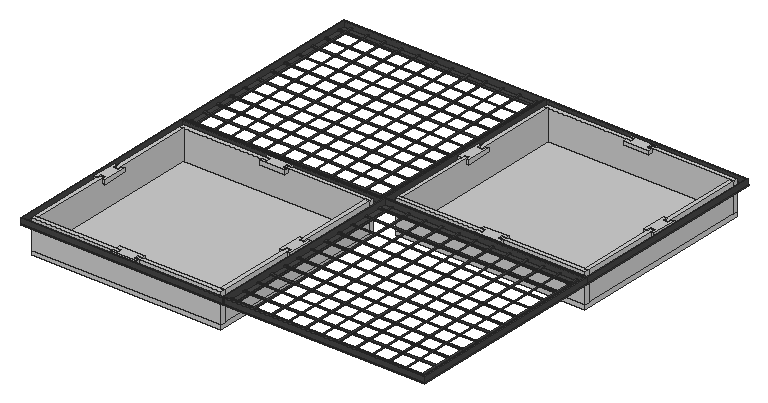
Revit family "CLD-FAB-001_RFA", category Modelos genéricos, Revit 2022 (continued)
Forms (in)
  Extrusion 209, solid, not visible
    sketch origin (0, 48, 0) x (0, 1, 0) y (0, 0, 1)
      loop
        line (0.42221, 1.66259) -> (0.42231, 0.67354)
        arc (0.42231, 0.67354) -> (0.41009, 0.64403) -> (0.38057, 0.6318) r 0.04174
        line (0.38057, 0.6318) -> (-0.00639, 0.6318) -> (-0.00639, 0.59057) -> (0.8874, 0.59057) -> (0.8874, 0.6318) -> (0.49998, 0.6318)
        arc (0.49998, 0.6318) -> (0.47046, 0.64403) -> (0.45824, 0.67354) r 0.04174
        line (0.45824, 0.67354) -> (0.45834, 1.66259)
        arc (0.45834, 1.66259) -> (0.46543, 1.67969) -> (0.48252, 1.68677) r 0.02418
        line (0.48252, 1.68677) -> (0.52252, 1.68677)
        arc (0.52252, 1.68677) -> (0.55303, 1.69941) -> (0.56566, 1.72991) r 0.04314
        line (0.56566, 1.72991) -> (0.56566, 2.14095)
        arc (0.56566, 2.14095) -> (0.5626, 2.15637) -> (0.55386, 2.16944) r 0.04029
        line (0.55386, 2.16944) -> (0.47053, 2.25277)
        arc (0.47053, 2.25277) -> (0.44027, 2.2653) -> (0.41002, 2.25277) r 0.04279
        line (0.41002, 2.25277) -> (0.32669, 2.16944)
        arc (0.32669, 2.16944) -> (0.31795, 2.15637) -> (0.31489, 2.14095) r 0.04029
        line (0.31489, 2.14095) -> (0.31489, 1.72991)
        arc (0.31489, 1.72991) -> (0.32752, 1.69941) -> (0.35803, 1.68677) r 0.04314
        line (0.35803, 1.68677) -> (0.39803, 1.68677)
        arc (0.39803, 1.68677) -> (0.41512, 1.67969) -> (0.42221, 1.66259) r 0.02418
      loop
        arc (0.33294, 1.7291) -> (0.34005, 1.71194) -> (0.35722, 1.70483) r 0.02428
        line (0.35722, 1.70483) -> (0.39815, 1.70483)
        arc (0.39815, 1.70483) -> (0.42797, 1.69248) -> (0.44023, 1.66266) r 0.04217
        arc (0.44023, 1.66266) -> (0.45258, 1.69248) -> (0.4824, 1.70483) r 0.04217
        line (0.4824, 1.70483) -> (0.52333, 1.70483)
        arc (0.52333, 1.70483) -> (0.54049, 1.71194) -> (0.54761, 1.7291) r 0.02428
        line (0.54761, 1.7291) -> (0.54761, 2.15016) -> (0.45704, 2.24072)
        arc (0.45704, 2.24072) -> (0.44027, 2.24767) -> (0.42351, 2.24072) r 0.02371
        line (0.42351, 2.24072) -> (0.33294, 2.15016) -> (0.33294, 1.7291)
    from 0 to 96.9361
  Extrusion 210, solid, not visible
    sketch origin (0, 72, 0) x (0, 1, 0) y (0, 0, 1)
      loop
        line (0.42221, 1.66259) -> (0.42231, 0.67354)
        arc (0.42231, 0.67354) -> (0.41009, 0.64403) -> (0.38057, 0.6318) r 0.04174
        line (0.38057, 0.6318) -> (-0.00639, 0.6318) -> (-0.00639, 0.59057) -> (0.8874, 0.59057) -> (0.8874, 0.6318) -> (0.49998, 0.6318)
        arc (0.49998, 0.6318) -> (0.47046, 0.64403) -> (0.45824, 0.67354) r 0.04174
        line (0.45824, 0.67354) -> (0.45834, 1.66259)
        arc (0.45834, 1.66259) -> (0.46543, 1.67969) -> (0.48252, 1.68677) r 0.02418
        line (0.48252, 1.68677) -> (0.52252, 1.68677)
        arc (0.52252, 1.68677) -> (0.55303, 1.69941) -> (0.56566, 1.72991) r 0.04314
        line (0.56566, 1.72991) -> (0.56566, 2.14095)
        arc (0.56566, 2.14095) -> (0.5626, 2.15637) -> (0.55386, 2.16944) r 0.04029
        line (0.55386, 2.16944) -> (0.47053, 2.25277)
        arc (0.47053, 2.25277) -> (0.44027, 2.2653) -> (0.41002, 2.25277) r 0.04279
        line (0.41002, 2.25277) -> (0.32669, 2.16944)
        arc (0.32669, 2.16944) -> (0.31795, 2.15637) -> (0.31489, 2.14095) r 0.04029
        line (0.31489, 2.14095) -> (0.31489, 1.72991)
        arc (0.31489, 1.72991) -> (0.32752, 1.69941) -> (0.35803, 1.68677) r 0.04314
        line (0.35803, 1.68677) -> (0.39803, 1.68677)
        arc (0.39803, 1.68677) -> (0.41512, 1.67969) -> (0.42221, 1.66259) r 0.02418
      loop
        arc (0.33294, 1.7291) -> (0.34005, 1.71194) -> (0.35722, 1.70483) r 0.02428
        line (0.35722, 1.70483) -> (0.39815, 1.70483)
        arc (0.39815, 1.70483) -> (0.42797, 1.69248) -> (0.44023, 1.66266) r 0.04217
        arc (0.44023, 1.66266) -> (0.45258, 1.69248) -> (0.4824, 1.70483) r 0.04217
        line (0.4824, 1.70483) -> (0.52333, 1.70483)
        arc (0.52333, 1.70483) -> (0.54049, 1.71194) -> (0.54761, 1.7291) r 0.02428
        line (0.54761, 1.7291) -> (0.54761, 2.15016) -> (0.45704, 2.24072)
        arc (0.45704, 2.24072) -> (0.44027, 2.24767) -> (0.42351, 2.24072) r 0.02371
        line (0.42351, 2.24072) -> (0.33294, 2.15016) -> (0.33294, 1.7291)
    from 0 to 96.9361
  Extrusion 211, solid, not visible
    sketch origin (0, 96, 0) x (0, 1, 0) y (0, 0, 1)
      loop
        line (0.42221, 1.66259) -> (0.42231, 0.67354)
        arc (0.42231, 0.67354) -> (0.41009, 0.64403) -> (0.38057, 0.6318) r 0.04174
        line (0.38057, 0.6318) -> (-0.00639, 0.6318) -> (-0.00639, 0.59057) -> (0.8874, 0.59057) -> (0.8874, 0.6318) -> (0.49998, 0.6318)
        arc (0.49998, 0.6318) -> (0.47046, 0.64403) -> (0.45824, 0.67354) r 0.04174
        line (0.45824, 0.67354) -> (0.45834, 1.66259)
        arc (0.45834, 1.66259) -> (0.46543, 1.67969) -> (0.48252, 1.68677) r 0.02418
        line (0.48252, 1.68677) -> (0.52252, 1.68677)
        arc (0.52252, 1.68677) -> (0.55303, 1.69941) -> (0.56566, 1.72991) r 0.04314
        line (0.56566, 1.72991) -> (0.56566, 2.14095)
        arc (0.56566, 2.14095) -> (0.5626, 2.15637) -> (0.55386, 2.16944) r 0.04029
        line (0.55386, 2.16944) -> (0.47053, 2.25277)
        arc (0.47053, 2.25277) -> (0.44027, 2.2653) -> (0.41002, 2.25277) r 0.04279
        line (0.41002, 2.25277) -> (0.32669, 2.16944)
        arc (0.32669, 2.16944) -> (0.31795, 2.15637) -> (0.31489, 2.14095) r 0.04029
        line (0.31489, 2.14095) -> (0.31489, 1.72991)
        arc (0.31489, 1.72991) -> (0.32752, 1.69941) -> (0.35803, 1.68677) r 0.04314
        line (0.35803, 1.68677) -> (0.39803, 1.68677)
        arc (0.39803, 1.68677) -> (0.41512, 1.67969) -> (0.42221, 1.66259) r 0.02418
      loop
        arc (0.33294, 1.7291) -> (0.34005, 1.71194) -> (0.35722, 1.70483) r 0.02428
        line (0.35722, 1.70483) -> (0.39815, 1.70483)
        arc (0.39815, 1.70483) -> (0.42797, 1.69248) -> (0.44023, 1.66266) r 0.04217
        arc (0.44023, 1.66266) -> (0.45258, 1.69248) -> (0.4824, 1.70483) r 0.04217
        line (0.4824, 1.70483) -> (0.52333, 1.70483)
        arc (0.52333, 1.70483) -> (0.54049, 1.71194) -> (0.54761, 1.7291) r 0.02428
        line (0.54761, 1.7291) -> (0.54761, 2.15016) -> (0.45704, 2.24072)
        arc (0.45704, 2.24072) -> (0.44027, 2.24767) -> (0.42351, 2.24072) r 0.02371
        line (0.42351, 2.24072) -> (0.33294, 2.15016) -> (0.33294, 1.7291)
    from 0 to 96.9361
  Extrusion 212, solid, not visible
    sketch origin (48.02754, 154.90856, 0) x (1, 0, 0) y (0, 0, 1)
      loop
        line (0.42221, 1.66259) -> (0.42231, 0.67354)
        arc (0.42231, 0.67354) -> (0.41009, 0.64403) -> (0.38057, 0.6318) r 0.04174
        line (0.38057, 0.6318) -> (-0.00639, 0.6318) -> (-0.00639, 0.59057) -> (0.8874, 0.59057) -> (0.8874, 0.6318) -> (0.49998, 0.6318)
        arc (0.49998, 0.6318) -> (0.47046, 0.64403) -> (0.45824, 0.67354) r 0.04174
        line (0.45824, 0.67354) -> (0.45834, 1.66259)
        arc (0.45834, 1.66259) -> (0.46543, 1.67969) -> (0.48252, 1.68677) r 0.02418
        line (0.48252, 1.68677) -> (0.52252, 1.68677)
        arc (0.52252, 1.68677) -> (0.55303, 1.69941) -> (0.56566, 1.72991) r 0.04314
        line (0.56566, 1.72991) -> (0.56566, 2.14095)
        arc (0.56566, 2.14095) -> (0.5626, 2.15637) -> (0.55386, 2.16944) r 0.04029
        line (0.55386, 2.16944) -> (0.47053, 2.25277)
        arc (0.47053, 2.25277) -> (0.44027, 2.2653) -> (0.41002, 2.25277) r 0.04279
        line (0.41002, 2.25277) -> (0.32669, 2.16944)
        arc (0.32669, 2.16944) -> (0.31795, 2.15637) -> (0.31489, 2.14095) r 0.04029
        line (0.31489, 2.14095) -> (0.31489, 1.72991)
        arc (0.31489, 1.72991) -> (0.32752, 1.69941) -> (0.35803, 1.68677) r 0.04314
        line (0.35803, 1.68677) -> (0.39803, 1.68677)
        arc (0.39803, 1.68677) -> (0.41512, 1.67969) -> (0.42221, 1.66259) r 0.02418
      loop
        arc (0.33294, 1.7291) -> (0.34005, 1.71194) -> (0.35722, 1.70483) r 0.02428
        line (0.35722, 1.70483) -> (0.39815, 1.70483)
        arc (0.39815, 1.70483) -> (0.42797, 1.69248) -> (0.44023, 1.66266) r 0.04217
        arc (0.44023, 1.66266) -> (0.45258, 1.69248) -> (0.4824, 1.70483) r 0.04217
        line (0.4824, 1.70483) -> (0.52333, 1.70483)
        arc (0.52333, 1.70483) -> (0.54049, 1.71194) -> (0.54761, 1.7291) r 0.02428
        line (0.54761, 1.7291) -> (0.54761, 2.15016) -> (0.45704, 2.24072)
        arc (0.45704, 2.24072) -> (0.44027, 2.24767) -> (0.42351, 2.24072) r 0.02371
        line (0.42351, 2.24072) -> (0.33294, 2.15016) -> (0.33294, 1.7291)
    from 58.93614 to 81.99864
  Extrusion 213, solid, not visible
    sketch origin (72.02767, 154.90856, 0) x (1, 0, 0) y (0, 0, 1)
      loop
        line (0.42221, 1.66259) -> (0.42231, 0.67354)
        arc (0.42231, 0.67354) -> (0.41009, 0.64403) -> (0.38057, 0.6318) r 0.04174
        line (0.38057, 0.6318) -> (-0.00639, 0.6318) -> (-0.00639, 0.59057) -> (0.8874, 0.59057) -> (0.8874, 0.6318) -> (0.49998, 0.6318)
        arc (0.49998, 0.6318) -> (0.47046, 0.64403) -> (0.45824, 0.67354) r 0.04174
        line (0.45824, 0.67354) -> (0.45834, 1.66259)
        arc (0.45834, 1.66259) -> (0.46543, 1.67969) -> (0.48252, 1.68677) r 0.02418
        line (0.48252, 1.68677) -> (0.52252, 1.68677)
        arc (0.52252, 1.68677) -> (0.55303, 1.69941) -> (0.56566, 1.72991) r 0.04314
        line (0.56566, 1.72991) -> (0.56566, 2.14095)
        arc (0.56566, 2.14095) -> (0.5626, 2.15637) -> (0.55386, 2.16944) r 0.04029
        line (0.55386, 2.16944) -> (0.47053, 2.25277)
        arc (0.47053, 2.25277) -> (0.44027, 2.2653) -> (0.41002, 2.25277) r 0.04279
        line (0.41002, 2.25277) -> (0.32669, 2.16944)
        arc (0.32669, 2.16944) -> (0.31795, 2.15637) -> (0.31489, 2.14095) r 0.04029
        line (0.31489, 2.14095) -> (0.31489, 1.72991)
        arc (0.31489, 1.72991) -> (0.32752, 1.69941) -> (0.35803, 1.68677) r 0.04314
        line (0.35803, 1.68677) -> (0.39803, 1.68677)
        arc (0.39803, 1.68677) -> (0.41512, 1.67969) -> (0.42221, 1.66259) r 0.02418
      loop
        arc (0.33294, 1.7291) -> (0.34005, 1.71194) -> (0.35722, 1.70483) r 0.02428
        line (0.35722, 1.70483) -> (0.39815, 1.70483)
        arc (0.39815, 1.70483) -> (0.42797, 1.69248) -> (0.44023, 1.66266) r 0.04217
        arc (0.44023, 1.66266) -> (0.45258, 1.69248) -> (0.4824, 1.70483) r 0.04217
        line (0.4824, 1.70483) -> (0.52333, 1.70483)
        arc (0.52333, 1.70483) -> (0.54049, 1.71194) -> (0.54761, 1.7291) r 0.02428
        line (0.54761, 1.7291) -> (0.54761, 2.15016) -> (0.45704, 2.24072)
        arc (0.45704, 2.24072) -> (0.44027, 2.24767) -> (0.42351, 2.24072) r 0.02371
        line (0.42351, 2.24072) -> (0.33294, 2.15016) -> (0.33294, 1.7291)
    from 58.93614 to 81.99864
  Extrusion 214, solid, not visible
    sketch origin (96.02767, 154.90856, 0) x (1, 0, 0) y (0, 0, 1)
      loop
        line (0.42221, 1.66259) -> (0.42231, 0.67354)
        arc (0.42231, 0.67354) -> (0.41009, 0.64403) -> (0.38057, 0.6318) r 0.04174
        line (0.38057, 0.6318) -> (-0.00639, 0.6318) -> (-0.00639, 0.59057) -> (0.8874, 0.59057) -> (0.8874, 0.6318) -> (0.49998, 0.6318)
        arc (0.49998, 0.6318) -> (0.47046, 0.64403) -> (0.45824, 0.67354) r 0.04174
        line (0.45824, 0.67354) -> (0.45834, 1.66259)
        arc (0.45834, 1.66259) -> (0.46543, 1.67969) -> (0.48252, 1.68677) r 0.02418
        line (0.48252, 1.68677) -> (0.52252, 1.68677)
        arc (0.52252, 1.68677) -> (0.55303, 1.69941) -> (0.56566, 1.72991) r 0.04314
        line (0.56566, 1.72991) -> (0.56566, 2.14095)
        arc (0.56566, 2.14095) -> (0.5626, 2.15637) -> (0.55386, 2.16944) r 0.04029
        line (0.55386, 2.16944) -> (0.47053, 2.25277)
        arc (0.47053, 2.25277) -> (0.44027, 2.2653) -> (0.41002, 2.25277) r 0.04279
        line (0.41002, 2.25277) -> (0.32669, 2.16944)
        arc (0.32669, 2.16944) -> (0.31795, 2.15637) -> (0.31489, 2.14095) r 0.04029
        line (0.31489, 2.14095) -> (0.31489, 1.72991)
        arc (0.31489, 1.72991) -> (0.32752, 1.69941) -> (0.35803, 1.68677) r 0.04314
        line (0.35803, 1.68677) -> (0.39803, 1.68677)
        arc (0.39803, 1.68677) -> (0.41512, 1.67969) -> (0.42221, 1.66259) r 0.02418
      loop
        arc (0.33294, 1.7291) -> (0.34005, 1.71194) -> (0.35722, 1.70483) r 0.02428
        line (0.35722, 1.70483) -> (0.39815, 1.70483)
        arc (0.39815, 1.70483) -> (0.42797, 1.69248) -> (0.44023, 1.66266) r 0.04217
        arc (0.44023, 1.66266) -> (0.45258, 1.69248) -> (0.4824, 1.70483) r 0.04217
        line (0.4824, 1.70483) -> (0.52333, 1.70483)
        arc (0.52333, 1.70483) -> (0.54049, 1.71194) -> (0.54761, 1.7291) r 0.02428
        line (0.54761, 1.7291) -> (0.54761, 2.15016) -> (0.45704, 2.24072)
        arc (0.45704, 2.24072) -> (0.44027, 2.24767) -> (0.42351, 2.24072) r 0.02371
        line (0.42351, 2.24072) -> (0.33294, 2.15016) -> (0.33294, 1.7291)
    from 58.93614 to 81.99864
  Extrusion 215, solid, not visible
    sketch origin (24.02767, 154.90856, 0) x (1, 0, 0) y (0, 0, 1)
      loop
        line (0.42221, 1.66259) -> (0.42231, 0.67354)
        arc (0.42231, 0.67354) -> (0.41009, 0.64403) -> (0.38057, 0.6318) r 0.04174
        line (0.38057, 0.6318) -> (-0.00639, 0.6318) -> (-0.00639, 0.59057) -> (0.8874, 0.59057) -> (0.8874, 0.6318) -> (0.49998, 0.6318)
        arc (0.49998, 0.6318) -> (0.47046, 0.64403) -> (0.45824, 0.67354) r 0.04174
        line (0.45824, 0.67354) -> (0.45834, 1.66259)
        arc (0.45834, 1.66259) -> (0.46543, 1.67969) -> (0.48252, 1.68677) r 0.02418
        line (0.48252, 1.68677) -> (0.52252, 1.68677)
        arc (0.52252, 1.68677) -> (0.55303, 1.69941) -> (0.56566, 1.72991) r 0.04314
        line (0.56566, 1.72991) -> (0.56566, 2.14095)
        arc (0.56566, 2.14095) -> (0.5626, 2.15637) -> (0.55386, 2.16944) r 0.04029
        line (0.55386, 2.16944) -> (0.47053, 2.25277)
        arc (0.47053, 2.25277) -> (0.44027, 2.2653) -> (0.41002, 2.25277) r 0.04279
        line (0.41002, 2.25277) -> (0.32669, 2.16944)
        arc (0.32669, 2.16944) -> (0.31795, 2.15637) -> (0.31489, 2.14095) r 0.04029
        line (0.31489, 2.14095) -> (0.31489, 1.72991)
        arc (0.31489, 1.72991) -> (0.32752, 1.69941) -> (0.35803, 1.68677) r 0.04314
        line (0.35803, 1.68677) -> (0.39803, 1.68677)
        arc (0.39803, 1.68677) -> (0.41512, 1.67969) -> (0.42221, 1.66259) r 0.02418
      loop
        arc (0.33294, 1.7291) -> (0.34005, 1.71194) -> (0.35722, 1.70483) r 0.02428
        line (0.35722, 1.70483) -> (0.39815, 1.70483)
        arc (0.39815, 1.70483) -> (0.42797, 1.69248) -> (0.44023, 1.66266) r 0.04217
        arc (0.44023, 1.66266) -> (0.45258, 1.69248) -> (0.4824, 1.70483) r 0.04217
        line (0.4824, 1.70483) -> (0.52333, 1.70483)
        arc (0.52333, 1.70483) -> (0.54049, 1.71194) -> (0.54761, 1.7291) r 0.02428
        line (0.54761, 1.7291) -> (0.54761, 2.15016) -> (0.45704, 2.24072)
        arc (0.45704, 2.24072) -> (0.44027, 2.24767) -> (0.42351, 2.24072) r 0.02371
        line (0.42351, 2.24072) -> (0.33294, 2.15016) -> (0.33294, 1.7291)
    from 58.93614 to 81.99864
  Extrusion 216, solid, not visible
    sketch origin (0.02767, 154.90856, 0) x (1, 0, 0) y (0, 0, 1)
      loop
        line (0.42221, 1.66259) -> (0.42231, 0.67354)
        arc (0.42231, 0.67354) -> (0.41009, 0.64403) -> (0.38057, 0.6318) r 0.04174
        line (0.38057, 0.6318) -> (-0.00639, 0.6318) -> (-0.00639, 0.59057) -> (0.8874, 0.59057) -> (0.8874, 0.6318) -> (0.49998, 0.6318)
        arc (0.49998, 0.6318) -> (0.47046, 0.64403) -> (0.45824, 0.67354) r 0.04174
        line (0.45824, 0.67354) -> (0.45834, 1.66259)
        arc (0.45834, 1.66259) -> (0.46543, 1.67969) -> (0.48252, 1.68677) r 0.02418
        line (0.48252, 1.68677) -> (0.52252, 1.68677)
        arc (0.52252, 1.68677) -> (0.55303, 1.69941) -> (0.56566, 1.72991) r 0.04314
        line (0.56566, 1.72991) -> (0.56566, 2.14095)
        arc (0.56566, 2.14095) -> (0.5626, 2.15637) -> (0.55386, 2.16944) r 0.04029
        line (0.55386, 2.16944) -> (0.47053, 2.25277)
        arc (0.47053, 2.25277) -> (0.44027, 2.2653) -> (0.41002, 2.25277) r 0.04279
        line (0.41002, 2.25277) -> (0.32669, 2.16944)
        arc (0.32669, 2.16944) -> (0.31795, 2.15637) -> (0.31489, 2.14095) r 0.04029
        line (0.31489, 2.14095) -> (0.31489, 1.72991)
        arc (0.31489, 1.72991) -> (0.32752, 1.69941) -> (0.35803, 1.68677) r 0.04314
        line (0.35803, 1.68677) -> (0.39803, 1.68677)
        arc (0.39803, 1.68677) -> (0.41512, 1.67969) -> (0.42221, 1.66259) r 0.02418
      loop
        arc (0.33294, 1.7291) -> (0.34005, 1.71194) -> (0.35722, 1.70483) r 0.02428
        line (0.35722, 1.70483) -> (0.39815, 1.70483)
        arc (0.39815, 1.70483) -> (0.42797, 1.69248) -> (0.44023, 1.66266) r 0.04217
        arc (0.44023, 1.66266) -> (0.45258, 1.69248) -> (0.4824, 1.70483) r 0.04217
        line (0.4824, 1.70483) -> (0.52333, 1.70483)
        arc (0.52333, 1.70483) -> (0.54049, 1.71194) -> (0.54761, 1.7291) r 0.02428
        line (0.54761, 1.7291) -> (0.54761, 2.15016) -> (0.45704, 2.24072)
        arc (0.45704, 2.24072) -> (0.44027, 2.24767) -> (0.42351, 2.24072) r 0.02371
        line (0.42351, 2.24072) -> (0.33294, 2.15016) -> (0.33294, 1.7291)
    from 58.93614 to 81.99864
  Extrusion 217, solid, not visible
    sketch origin (48.02754, 130.90855, 0) x (1, 0, 0) y (0, 0, 1)
      loop
        line (0.42221, 1.66259) -> (0.42231, 0.67354)
        arc (0.42231, 0.67354) -> (0.41009, 0.64403) -> (0.38057, 0.6318) r 0.04174
        line (0.38057, 0.6318) -> (-0.00639, 0.6318) -> (-0.00639, 0.59057) -> (0.8874, 0.59057) -> (0.8874, 0.6318) -> (0.49998, 0.6318)
        arc (0.49998, 0.6318) -> (0.47046, 0.64403) -> (0.45824, 0.67354) r 0.04174
        line (0.45824, 0.67354) -> (0.45834, 1.66259)
        arc (0.45834, 1.66259) -> (0.46543, 1.67969) -> (0.48252, 1.68677) r 0.02418
        line (0.48252, 1.68677) -> (0.52252, 1.68677)
        arc (0.52252, 1.68677) -> (0.55303, 1.69941) -> (0.56566, 1.72991) r 0.04314
        line (0.56566, 1.72991) -> (0.56566, 2.14095)
        arc (0.56566, 2.14095) -> (0.5626, 2.15637) -> (0.55386, 2.16944) r 0.04029
        line (0.55386, 2.16944) -> (0.47053, 2.25277)
        arc (0.47053, 2.25277) -> (0.44027, 2.2653) -> (0.41002, 2.25277) r 0.04279
        line (0.41002, 2.25277) -> (0.32669, 2.16944)
        arc (0.32669, 2.16944) -> (0.31795, 2.15637) -> (0.31489, 2.14095) r 0.04029
        line (0.31489, 2.14095) -> (0.31489, 1.72991)
        arc (0.31489, 1.72991) -> (0.32752, 1.69941) -> (0.35803, 1.68677) r 0.04314
        line (0.35803, 1.68677) -> (0.39803, 1.68677)
        arc (0.39803, 1.68677) -> (0.41512, 1.67969) -> (0.42221, 1.66259) r 0.02418
      loop
        arc (0.33294, 1.7291) -> (0.34005, 1.71194) -> (0.35722, 1.70483) r 0.02428
        line (0.35722, 1.70483) -> (0.39815, 1.70483)
        arc (0.39815, 1.70483) -> (0.42797, 1.69248) -> (0.44023, 1.66266) r 0.04217
        arc (0.44023, 1.66266) -> (0.45258, 1.69248) -> (0.4824, 1.70483) r 0.04217
        line (0.4824, 1.70483) -> (0.52333, 1.70483)
        arc (0.52333, 1.70483) -> (0.54049, 1.71194) -> (0.54761, 1.7291) r 0.02428
        line (0.54761, 1.7291) -> (0.54761, 2.15016) -> (0.45704, 2.24072)
        arc (0.45704, 2.24072) -> (0.44027, 2.24767) -> (0.42351, 2.24072) r 0.02371
        line (0.42351, 2.24072) -> (0.33294, 2.15016) -> (0.33294, 1.7291)
    from 58.93614 to 81.99864
  Extrusion 218, solid, not visible
    sketch origin (72.02767, 130.90855, 0) x (1, 0, 0) y (0, 0, 1)
      loop
        line (0.42221, 1.66259) -> (0.42231, 0.67354)
        arc (0.42231, 0.67354) -> (0.41009, 0.64403) -> (0.38057, 0.6318) r 0.04174
        line (0.38057, 0.6318) -> (-0.00639, 0.6318) -> (-0.00639, 0.59057) -> (0.8874, 0.59057) -> (0.8874, 0.6318) -> (0.49998, 0.6318)
        arc (0.49998, 0.6318) -> (0.47046, 0.64403) -> (0.45824, 0.67354) r 0.04174
        line (0.45824, 0.67354) -> (0.45834, 1.66259)
        arc (0.45834, 1.66259) -> (0.46543, 1.67969) -> (0.48252, 1.68677) r 0.02418
        line (0.48252, 1.68677) -> (0.52252, 1.68677)
        arc (0.52252, 1.68677) -> (0.55303, 1.69941) -> (0.56566, 1.72991) r 0.04314
        line (0.56566, 1.72991) -> (0.56566, 2.14095)
        arc (0.56566, 2.14095) -> (0.5626, 2.15637) -> (0.55386, 2.16944) r 0.04029
        line (0.55386, 2.16944) -> (0.47053, 2.25277)
        arc (0.47053, 2.25277) -> (0.44027, 2.2653) -> (0.41002, 2.25277) r 0.04279
        line (0.41002, 2.25277) -> (0.32669, 2.16944)
        arc (0.32669, 2.16944) -> (0.31795, 2.15637) -> (0.31489, 2.14095) r 0.04029
        line (0.31489, 2.14095) -> (0.31489, 1.72991)
        arc (0.31489, 1.72991) -> (0.32752, 1.69941) -> (0.35803, 1.68677) r 0.04314
        line (0.35803, 1.68677) -> (0.39803, 1.68677)
        arc (0.39803, 1.68677) -> (0.41512, 1.67969) -> (0.42221, 1.66259) r 0.02418
      loop
        arc (0.33294, 1.7291) -> (0.34005, 1.71194) -> (0.35722, 1.70483) r 0.02428
        line (0.35722, 1.70483) -> (0.39815, 1.70483)
        arc (0.39815, 1.70483) -> (0.42797, 1.69248) -> (0.44023, 1.66266) r 0.04217
        arc (0.44023, 1.66266) -> (0.45258, 1.69248) -> (0.4824, 1.70483) r 0.04217
        line (0.4824, 1.70483) -> (0.52333, 1.70483)
        arc (0.52333, 1.70483) -> (0.54049, 1.71194) -> (0.54761, 1.7291) r 0.02428
        line (0.54761, 1.7291) -> (0.54761, 2.15016) -> (0.45704, 2.24072)
        arc (0.45704, 2.24072) -> (0.44027, 2.24767) -> (0.42351, 2.24072) r 0.02371
        line (0.42351, 2.24072) -> (0.33294, 2.15016) -> (0.33294, 1.7291)
    from 58.93614 to 81.99864
  Extrusion 219, solid, not visible
    sketch origin (96.02767, 130.90855, 0) x (1, 0, 0) y (0, 0, 1)
      loop
        line (0.42221, 1.66259) -> (0.42231, 0.67354)
        arc (0.42231, 0.67354) -> (0.41009, 0.64403) -> (0.38057, 0.6318) r 0.04174
        line (0.38057, 0.6318) -> (-0.00639, 0.6318) -> (-0.00639, 0.59057) -> (0.8874, 0.59057) -> (0.8874, 0.6318) -> (0.49998, 0.6318)
        arc (0.49998, 0.6318) -> (0.47046, 0.64403) -> (0.45824, 0.67354) r 0.04174
        line (0.45824, 0.67354) -> (0.45834, 1.66259)
        arc (0.45834, 1.66259) -> (0.46543, 1.67969) -> (0.48252, 1.68677) r 0.02418
        line (0.48252, 1.68677) -> (0.52252, 1.68677)
        arc (0.52252, 1.68677) -> (0.55303, 1.69941) -> (0.56566, 1.72991) r 0.04314
        line (0.56566, 1.72991) -> (0.56566, 2.14095)
        arc (0.56566, 2.14095) -> (0.5626, 2.15637) -> (0.55386, 2.16944) r 0.04029
        line (0.55386, 2.16944) -> (0.47053, 2.25277)
        arc (0.47053, 2.25277) -> (0.44027, 2.2653) -> (0.41002, 2.25277) r 0.04279
        line (0.41002, 2.25277) -> (0.32669, 2.16944)
        arc (0.32669, 2.16944) -> (0.31795, 2.15637) -> (0.31489, 2.14095) r 0.04029
        line (0.31489, 2.14095) -> (0.31489, 1.72991)
        arc (0.31489, 1.72991) -> (0.32752, 1.69941) -> (0.35803, 1.68677) r 0.04314
        line (0.35803, 1.68677) -> (0.39803, 1.68677)
        arc (0.39803, 1.68677) -> (0.41512, 1.67969) -> (0.42221, 1.66259) r 0.02418
      loop
        arc (0.33294, 1.7291) -> (0.34005, 1.71194) -> (0.35722, 1.70483) r 0.02428
        line (0.35722, 1.70483) -> (0.39815, 1.70483)
        arc (0.39815, 1.70483) -> (0.42797, 1.69248) -> (0.44023, 1.66266) r 0.04217
        arc (0.44023, 1.66266) -> (0.45258, 1.69248) -> (0.4824, 1.70483) r 0.04217
        line (0.4824, 1.70483) -> (0.52333, 1.70483)
        arc (0.52333, 1.70483) -> (0.54049, 1.71194) -> (0.54761, 1.7291) r 0.02428
        line (0.54761, 1.7291) -> (0.54761, 2.15016) -> (0.45704, 2.24072)
        arc (0.45704, 2.24072) -> (0.44027, 2.24767) -> (0.42351, 2.24072) r 0.02371
        line (0.42351, 2.24072) -> (0.33294, 2.15016) -> (0.33294, 1.7291)
    from 58.93614 to 81.99864
  Extrusion 220, solid, not visible
    sketch origin (24.02767, 130.90855, 0) x (1, 0, 0) y (0, 0, 1)
      loop
        line (0.42221, 1.66259) -> (0.42231, 0.67354)
        arc (0.42231, 0.67354) -> (0.41009, 0.64403) -> (0.38057, 0.6318) r 0.04174
        line (0.38057, 0.6318) -> (-0.00639, 0.6318) -> (-0.00639, 0.59057) -> (0.8874, 0.59057) -> (0.8874, 0.6318) -> (0.49998, 0.6318)
        arc (0.49998, 0.6318) -> (0.47046, 0.64403) -> (0.45824, 0.67354) r 0.04174
        line (0.45824, 0.67354) -> (0.45834, 1.66259)
        arc (0.45834, 1.66259) -> (0.46543, 1.67969) -> (0.48252, 1.68677) r 0.02418
        line (0.48252, 1.68677) -> (0.52252, 1.68677)
        arc (0.52252, 1.68677) -> (0.55303, 1.69941) -> (0.56566, 1.72991) r 0.04314
        line (0.56566, 1.72991) -> (0.56566, 2.14095)
        arc (0.56566, 2.14095) -> (0.5626, 2.15637) -> (0.55386, 2.16944) r 0.04029
        line (0.55386, 2.16944) -> (0.47053, 2.25277)
        arc (0.47053, 2.25277) -> (0.44027, 2.2653) -> (0.41002, 2.25277) r 0.04279
        line (0.41002, 2.25277) -> (0.32669, 2.16944)
        arc (0.32669, 2.16944) -> (0.31795, 2.15637) -> (0.31489, 2.14095) r 0.04029
        line (0.31489, 2.14095) -> (0.31489, 1.72991)
        arc (0.31489, 1.72991) -> (0.32752, 1.69941) -> (0.35803, 1.68677) r 0.04314
        line (0.35803, 1.68677) -> (0.39803, 1.68677)
        arc (0.39803, 1.68677) -> (0.41512, 1.67969) -> (0.42221, 1.66259) r 0.02418
      loop
        arc (0.33294, 1.7291) -> (0.34005, 1.71194) -> (0.35722, 1.70483) r 0.02428
        line (0.35722, 1.70483) -> (0.39815, 1.70483)
        arc (0.39815, 1.70483) -> (0.42797, 1.69248) -> (0.44023, 1.66266) r 0.04217
        arc (0.44023, 1.66266) -> (0.45258, 1.69248) -> (0.4824, 1.70483) r 0.04217
        line (0.4824, 1.70483) -> (0.52333, 1.70483)
        arc (0.52333, 1.70483) -> (0.54049, 1.71194) -> (0.54761, 1.7291) r 0.02428
        line (0.54761, 1.7291) -> (0.54761, 2.15016) -> (0.45704, 2.24072)
        arc (0.45704, 2.24072) -> (0.44027, 2.24767) -> (0.42351, 2.24072) r 0.02371
        line (0.42351, 2.24072) -> (0.33294, 2.15016) -> (0.33294, 1.7291)
    from 58.93614 to 81.99864
  Extrusion 221, solid, not visible
    sketch origin (0.02767, 130.90855, 0) x (1, 0, 0) y (0, 0, 1)
      loop
        line (0.42221, 1.66259) -> (0.42231, 0.67354)
        arc (0.42231, 0.67354) -> (0.41009, 0.64403) -> (0.38057, 0.6318) r 0.04174
        line (0.38057, 0.6318) -> (-0.00639, 0.6318) -> (-0.00639, 0.59057) -> (0.8874, 0.59057) -> (0.8874, 0.6318) -> (0.49998, 0.6318)
        arc (0.49998, 0.6318) -> (0.47046, 0.64403) -> (0.45824, 0.67354) r 0.04174
        line (0.45824, 0.67354) -> (0.45834, 1.66259)
        arc (0.45834, 1.66259) -> (0.46543, 1.67969) -> (0.48252, 1.68677) r 0.02418
        line (0.48252, 1.68677) -> (0.52252, 1.68677)
        arc (0.52252, 1.68677) -> (0.55303, 1.69941) -> (0.56566, 1.72991) r 0.04314
        line (0.56566, 1.72991) -> (0.56566, 2.14095)
        arc (0.56566, 2.14095) -> (0.5626, 2.15637) -> (0.55386, 2.16944) r 0.04029
        line (0.55386, 2.16944) -> (0.47053, 2.25277)
        arc (0.47053, 2.25277) -> (0.44027, 2.2653) -> (0.41002, 2.25277) r 0.04279
        line (0.41002, 2.25277) -> (0.32669, 2.16944)
        arc (0.32669, 2.16944) -> (0.31795, 2.15637) -> (0.31489, 2.14095) r 0.04029
        line (0.31489, 2.14095) -> (0.31489, 1.72991)
        arc (0.31489, 1.72991) -> (0.32752, 1.69941) -> (0.35803, 1.68677) r 0.04314
        line (0.35803, 1.68677) -> (0.39803, 1.68677)
        arc (0.39803, 1.68677) -> (0.41512, 1.67969) -> (0.42221, 1.66259) r 0.02418
      loop
        arc (0.33294, 1.7291) -> (0.34005, 1.71194) -> (0.35722, 1.70483) r 0.02428
        line (0.35722, 1.70483) -> (0.39815, 1.70483)
        arc (0.39815, 1.70483) -> (0.42797, 1.69248) -> (0.44023, 1.66266) r 0.04217
        arc (0.44023, 1.66266) -> (0.45258, 1.69248) -> (0.4824, 1.70483) r 0.04217
        line (0.4824, 1.70483) -> (0.52333, 1.70483)
        arc (0.52333, 1.70483) -> (0.54049, 1.71194) -> (0.54761, 1.7291) r 0.02428
        line (0.54761, 1.7291) -> (0.54761, 2.15016) -> (0.45704, 2.24072)
        arc (0.45704, 2.24072) -> (0.44027, 2.24767) -> (0.42351, 2.24072) r 0.02371
        line (0.42351, 2.24072) -> (0.33294, 2.15016) -> (0.33294, 1.7291)
    from 58.93614 to 81.99864
  Extrusion 222, solid, not visible
    sketch origin (48.02754, 106.90856, 0) x (1, 0, 0) y (0, 0, 1)
      loop
        line (0.42221, 1.66259) -> (0.42231, 0.67354)
        arc (0.42231, 0.67354) -> (0.41009, 0.64403) -> (0.38057, 0.6318) r 0.04174
        line (0.38057, 0.6318) -> (-0.00639, 0.6318) -> (-0.00639, 0.59057) -> (0.8874, 0.59057) -> (0.8874, 0.6318) -> (0.49998, 0.6318)
        arc (0.49998, 0.6318) -> (0.47046, 0.64403) -> (0.45824, 0.67354) r 0.04174
        line (0.45824, 0.67354) -> (0.45834, 1.66259)
        arc (0.45834, 1.66259) -> (0.46543, 1.67969) -> (0.48252, 1.68677) r 0.02418
        line (0.48252, 1.68677) -> (0.52252, 1.68677)
        arc (0.52252, 1.68677) -> (0.55303, 1.69941) -> (0.56566, 1.72991) r 0.04314
        line (0.56566, 1.72991) -> (0.56566, 2.14095)
        arc (0.56566, 2.14095) -> (0.5626, 2.15637) -> (0.55386, 2.16944) r 0.04029
        line (0.55386, 2.16944) -> (0.47053, 2.25277)
        arc (0.47053, 2.25277) -> (0.44027, 2.2653) -> (0.41002, 2.25277) r 0.04279
        line (0.41002, 2.25277) -> (0.32669, 2.16944)
        arc (0.32669, 2.16944) -> (0.31795, 2.15637) -> (0.31489, 2.14095) r 0.04029
        line (0.31489, 2.14095) -> (0.31489, 1.72991)
        arc (0.31489, 1.72991) -> (0.32752, 1.69941) -> (0.35803, 1.68677) r 0.04314
        line (0.35803, 1.68677) -> (0.39803, 1.68677)
        arc (0.39803, 1.68677) -> (0.41512, 1.67969) -> (0.42221, 1.66259) r 0.02418
      loop
        arc (0.33294, 1.7291) -> (0.34005, 1.71194) -> (0.35722, 1.70483) r 0.02428
        line (0.35722, 1.70483) -> (0.39815, 1.70483)
        arc (0.39815, 1.70483) -> (0.42797, 1.69248) -> (0.44023, 1.66266) r 0.04217
        arc (0.44023, 1.66266) -> (0.45258, 1.69248) -> (0.4824, 1.70483) r 0.04217
        line (0.4824, 1.70483) -> (0.52333, 1.70483)
        arc (0.52333, 1.70483) -> (0.54049, 1.71194) -> (0.54761, 1.7291) r 0.02428
        line (0.54761, 1.7291) -> (0.54761, 2.15016) -> (0.45704, 2.24072)
        arc (0.45704, 2.24072) -> (0.44027, 2.24767) -> (0.42351, 2.24072) r 0.02371
        line (0.42351, 2.24072) -> (0.33294, 2.15016) -> (0.33294, 1.7291)
    from 58.93614 to 81.99864
  Extrusion 223, solid, not visible
    sketch origin (72.02767, 106.90856, 0) x (1, 0, 0) y (0, 0, 1)
      loop
        line (0.42221, 1.66259) -> (0.42231, 0.67354)
        arc (0.42231, 0.67354) -> (0.41009, 0.64403) -> (0.38057, 0.6318) r 0.04174
        line (0.38057, 0.6318) -> (-0.00639, 0.6318) -> (-0.00639, 0.59057) -> (0.8874, 0.59057) -> (0.8874, 0.6318) -> (0.49998, 0.6318)
        arc (0.49998, 0.6318) -> (0.47046, 0.64403) -> (0.45824, 0.67354) r 0.04174
        line (0.45824, 0.67354) -> (0.45834, 1.66259)
        arc (0.45834, 1.66259) -> (0.46543, 1.67969) -> (0.48252, 1.68677) r 0.02418
        line (0.48252, 1.68677) -> (0.52252, 1.68677)
        arc (0.52252, 1.68677) -> (0.55303, 1.69941) -> (0.56566, 1.72991) r 0.04314
        line (0.56566, 1.72991) -> (0.56566, 2.14095)
        arc (0.56566, 2.14095) -> (0.5626, 2.15637) -> (0.55386, 2.16944) r 0.04029
        line (0.55386, 2.16944) -> (0.47053, 2.25277)
        arc (0.47053, 2.25277) -> (0.44027, 2.2653) -> (0.41002, 2.25277) r 0.04279
        line (0.41002, 2.25277) -> (0.32669, 2.16944)
        arc (0.32669, 2.16944) -> (0.31795, 2.15637) -> (0.31489, 2.14095) r 0.04029
        line (0.31489, 2.14095) -> (0.31489, 1.72991)
        arc (0.31489, 1.72991) -> (0.32752, 1.69941) -> (0.35803, 1.68677) r 0.04314
        line (0.35803, 1.68677) -> (0.39803, 1.68677)
        arc (0.39803, 1.68677) -> (0.41512, 1.67969) -> (0.42221, 1.66259) r 0.02418
      loop
        arc (0.33294, 1.7291) -> (0.34005, 1.71194) -> (0.35722, 1.70483) r 0.02428
        line (0.35722, 1.70483) -> (0.39815, 1.70483)
        arc (0.39815, 1.70483) -> (0.42797, 1.69248) -> (0.44023, 1.66266) r 0.04217
        arc (0.44023, 1.66266) -> (0.45258, 1.69248) -> (0.4824, 1.70483) r 0.04217
        line (0.4824, 1.70483) -> (0.52333, 1.70483)
        arc (0.52333, 1.70483) -> (0.54049, 1.71194) -> (0.54761, 1.7291) r 0.02428
        line (0.54761, 1.7291) -> (0.54761, 2.15016) -> (0.45704, 2.24072)
        arc (0.45704, 2.24072) -> (0.44027, 2.24767) -> (0.42351, 2.24072) r 0.02371
        line (0.42351, 2.24072) -> (0.33294, 2.15016) -> (0.33294, 1.7291)
    from 58.93614 to 81.99864
  Extrusion 224, solid, not visible
    sketch origin (96.02767, 106.90856, 0) x (1, 0, 0) y (0, 0, 1)
      loop
        line (0.42221, 1.66259) -> (0.42231, 0.67354)
        arc (0.42231, 0.67354) -> (0.41009, 0.64403) -> (0.38057, 0.6318) r 0.04174
        line (0.38057, 0.6318) -> (-0.00639, 0.6318) -> (-0.00639, 0.59057) -> (0.8874, 0.59057) -> (0.8874, 0.6318) -> (0.49998, 0.6318)
        arc (0.49998, 0.6318) -> (0.47046, 0.64403) -> (0.45824, 0.67354) r 0.04174
        line (0.45824, 0.67354) -> (0.45834, 1.66259)
        arc (0.45834, 1.66259) -> (0.46543, 1.67969) -> (0.48252, 1.68677) r 0.02418
        line (0.48252, 1.68677) -> (0.52252, 1.68677)
        arc (0.52252, 1.68677) -> (0.55303, 1.69941) -> (0.56566, 1.72991) r 0.04314
        line (0.56566, 1.72991) -> (0.56566, 2.14095)
        arc (0.56566, 2.14095) -> (0.5626, 2.15637) -> (0.55386, 2.16944) r 0.04029
        line (0.55386, 2.16944) -> (0.47053, 2.25277)
        arc (0.47053, 2.25277) -> (0.44027, 2.2653) -> (0.41002, 2.25277) r 0.04279
        line (0.41002, 2.25277) -> (0.32669, 2.16944)
        arc (0.32669, 2.16944) -> (0.31795, 2.15637) -> (0.31489, 2.14095) r 0.04029
        line (0.31489, 2.14095) -> (0.31489, 1.72991)
        arc (0.31489, 1.72991) -> (0.32752, 1.69941) -> (0.35803, 1.68677) r 0.04314
        line (0.35803, 1.68677) -> (0.39803, 1.68677)
        arc (0.39803, 1.68677) -> (0.41512, 1.67969) -> (0.42221, 1.66259) r 0.02418
      loop
        arc (0.33294, 1.7291) -> (0.34005, 1.71194) -> (0.35722, 1.70483) r 0.02428
        line (0.35722, 1.70483) -> (0.39815, 1.70483)
        arc (0.39815, 1.70483) -> (0.42797, 1.69248) -> (0.44023, 1.66266) r 0.04217
        arc (0.44023, 1.66266) -> (0.45258, 1.69248) -> (0.4824, 1.70483) r 0.04217
        line (0.4824, 1.70483) -> (0.52333, 1.70483)
        arc (0.52333, 1.70483) -> (0.54049, 1.71194) -> (0.54761, 1.7291) r 0.02428
        line (0.54761, 1.7291) -> (0.54761, 2.15016) -> (0.45704, 2.24072)
        arc (0.45704, 2.24072) -> (0.44027, 2.24767) -> (0.42351, 2.24072) r 0.02371
        line (0.42351, 2.24072) -> (0.33294, 2.15016) -> (0.33294, 1.7291)
    from 58.93614 to 81.99864
  Extrusion 225, solid, not visible
    sketch origin (24.02767, 106.90856, 0) x (1, 0, 0) y (0, 0, 1)
      loop
        line (0.42221, 1.66259) -> (0.42231, 0.67354)
        arc (0.42231, 0.67354) -> (0.41009, 0.64403) -> (0.38057, 0.6318) r 0.04174
        line (0.38057, 0.6318) -> (-0.00639, 0.6318) -> (-0.00639, 0.59057) -> (0.8874, 0.59057) -> (0.8874, 0.6318) -> (0.49998, 0.6318)
        arc (0.49998, 0.6318) -> (0.47046, 0.64403) -> (0.45824, 0.67354) r 0.04174
        line (0.45824, 0.67354) -> (0.45834, 1.66259)
        arc (0.45834, 1.66259) -> (0.46543, 1.67969) -> (0.48252, 1.68677) r 0.02418
        line (0.48252, 1.68677) -> (0.52252, 1.68677)
        arc (0.52252, 1.68677) -> (0.55303, 1.69941) -> (0.56566, 1.72991) r 0.04314
        line (0.56566, 1.72991) -> (0.56566, 2.14095)
        arc (0.56566, 2.14095) -> (0.5626, 2.15637) -> (0.55386, 2.16944) r 0.04029
        line (0.55386, 2.16944) -> (0.47053, 2.25277)
        arc (0.47053, 2.25277) -> (0.44027, 2.2653) -> (0.41002, 2.25277) r 0.04279
        line (0.41002, 2.25277) -> (0.32669, 2.16944)
        arc (0.32669, 2.16944) -> (0.31795, 2.15637) -> (0.31489, 2.14095) r 0.04029
        line (0.31489, 2.14095) -> (0.31489, 1.72991)
        arc (0.31489, 1.72991) -> (0.32752, 1.69941) -> (0.35803, 1.68677) r 0.04314
        line (0.35803, 1.68677) -> (0.39803, 1.68677)
        arc (0.39803, 1.68677) -> (0.41512, 1.67969) -> (0.42221, 1.66259) r 0.02418
      loop
        arc (0.33294, 1.7291) -> (0.34005, 1.71194) -> (0.35722, 1.70483) r 0.02428
        line (0.35722, 1.70483) -> (0.39815, 1.70483)
        arc (0.39815, 1.70483) -> (0.42797, 1.69248) -> (0.44023, 1.66266) r 0.04217
        arc (0.44023, 1.66266) -> (0.45258, 1.69248) -> (0.4824, 1.70483) r 0.04217
        line (0.4824, 1.70483) -> (0.52333, 1.70483)
        arc (0.52333, 1.70483) -> (0.54049, 1.71194) -> (0.54761, 1.7291) r 0.02428
        line (0.54761, 1.7291) -> (0.54761, 2.15016) -> (0.45704, 2.24072)
        arc (0.45704, 2.24072) -> (0.44027, 2.24767) -> (0.42351, 2.24072) r 0.02371
        line (0.42351, 2.24072) -> (0.33294, 2.15016) -> (0.33294, 1.7291)
    from 58.93614 to 81.99864
  Extrusion 226, solid, not visible
    sketch origin (0.02767, 106.90856, 0) x (1, 0, 0) y (0, 0, 1)
      loop
        line (0.42221, 1.66259) -> (0.42231, 0.67354)
        arc (0.42231, 0.67354) -> (0.41009, 0.64403) -> (0.38057, 0.6318) r 0.04174
        line (0.38057, 0.6318) -> (-0.00639, 0.6318) -> (-0.00639, 0.59057) -> (0.8874, 0.59057) -> (0.8874, 0.6318) -> (0.49998, 0.6318)
        arc (0.49998, 0.6318) -> (0.47046, 0.64403) -> (0.45824, 0.67354) r 0.04174
        line (0.45824, 0.67354) -> (0.45834, 1.66259)
        arc (0.45834, 1.66259) -> (0.46543, 1.67969) -> (0.48252, 1.68677) r 0.02418
        line (0.48252, 1.68677) -> (0.52252, 1.68677)
        arc (0.52252, 1.68677) -> (0.55303, 1.69941) -> (0.56566, 1.72991) r 0.04314
        line (0.56566, 1.72991) -> (0.56566, 2.14095)
        arc (0.56566, 2.14095) -> (0.5626, 2.15637) -> (0.55386, 2.16944) r 0.04029
        line (0.55386, 2.16944) -> (0.47053, 2.25277)
        arc (0.47053, 2.25277) -> (0.44027, 2.2653) -> (0.41002, 2.25277) r 0.04279
        line (0.41002, 2.25277) -> (0.32669, 2.16944)
        arc (0.32669, 2.16944) -> (0.31795, 2.15637) -> (0.31489, 2.14095) r 0.04029
        line (0.31489, 2.14095) -> (0.31489, 1.72991)
        arc (0.31489, 1.72991) -> (0.32752, 1.69941) -> (0.35803, 1.68677) r 0.04314
        line (0.35803, 1.68677) -> (0.39803, 1.68677)
        arc (0.39803, 1.68677) -> (0.41512, 1.67969) -> (0.42221, 1.66259) r 0.02418
      loop
        arc (0.33294, 1.7291) -> (0.34005, 1.71194) -> (0.35722, 1.70483) r 0.02428
        line (0.35722, 1.70483) -> (0.39815, 1.70483)
        arc (0.39815, 1.70483) -> (0.42797, 1.69248) -> (0.44023, 1.66266) r 0.04217
        arc (0.44023, 1.66266) -> (0.45258, 1.69248) -> (0.4824, 1.70483) r 0.04217
        line (0.4824, 1.70483) -> (0.52333, 1.70483)
        arc (0.52333, 1.70483) -> (0.54049, 1.71194) -> (0.54761, 1.7291) r 0.02428
        line (0.54761, 1.7291) -> (0.54761, 2.15016) -> (0.45704, 2.24072)
        arc (0.45704, 2.24072) -> (0.44027, 2.24767) -> (0.42351, 2.24072) r 0.02371
        line (0.42351, 2.24072) -> (0.33294, 2.15016) -> (0.33294, 1.7291)
    from 58.93614 to 81.99864
  Extrusion 227, solid, not visible
    sketch origin (48.02754, 82.90856, 0) x (1, 0, 0) y (0, 0, 1)
      loop
        line (0.42221, 1.66259) -> (0.42231, 0.67354)
        arc (0.42231, 0.67354) -> (0.41009, 0.64403) -> (0.38057, 0.6318) r 0.04174
        line (0.38057, 0.6318) -> (-0.00639, 0.6318) -> (-0.00639, 0.59057) -> (0.8874, 0.59057) -> (0.8874, 0.6318) -> (0.49998, 0.6318)
        arc (0.49998, 0.6318) -> (0.47046, 0.64403) -> (0.45824, 0.67354) r 0.04174
        line (0.45824, 0.67354) -> (0.45834, 1.66259)
        arc (0.45834, 1.66259) -> (0.46543, 1.67969) -> (0.48252, 1.68677) r 0.02418
        line (0.48252, 1.68677) -> (0.52252, 1.68677)
        arc (0.52252, 1.68677) -> (0.55303, 1.69941) -> (0.56566, 1.72991) r 0.04314
        line (0.56566, 1.72991) -> (0.56566, 2.14095)
        arc (0.56566, 2.14095) -> (0.5626, 2.15637) -> (0.55386, 2.16944) r 0.04029
        line (0.55386, 2.16944) -> (0.47053, 2.25277)
        arc (0.47053, 2.25277) -> (0.44027, 2.2653) -> (0.41002, 2.25277) r 0.04279
        line (0.41002, 2.25277) -> (0.32669, 2.16944)
        arc (0.32669, 2.16944) -> (0.31795, 2.15637) -> (0.31489, 2.14095) r 0.04029
        line (0.31489, 2.14095) -> (0.31489, 1.72991)
        arc (0.31489, 1.72991) -> (0.32752, 1.69941) -> (0.35803, 1.68677) r 0.04314
        line (0.35803, 1.68677) -> (0.39803, 1.68677)
        arc (0.39803, 1.68677) -> (0.41512, 1.67969) -> (0.42221, 1.66259) r 0.02418
      loop
        arc (0.33294, 1.7291) -> (0.34005, 1.71194) -> (0.35722, 1.70483) r 0.02428
        line (0.35722, 1.70483) -> (0.39815, 1.70483)
        arc (0.39815, 1.70483) -> (0.42797, 1.69248) -> (0.44023, 1.66266) r 0.04217
        arc (0.44023, 1.66266) -> (0.45258, 1.69248) -> (0.4824, 1.70483) r 0.04217
        line (0.4824, 1.70483) -> (0.52333, 1.70483)
        arc (0.52333, 1.70483) -> (0.54049, 1.71194) -> (0.54761, 1.7291) r 0.02428
        line (0.54761, 1.7291) -> (0.54761, 2.15016) -> (0.45704, 2.24072)
        arc (0.45704, 2.24072) -> (0.44027, 2.24767) -> (0.42351, 2.24072) r 0.02371
        line (0.42351, 2.24072) -> (0.33294, 2.15016) -> (0.33294, 1.7291)
    from 58.93614 to 81.99864
  Extrusion 228, solid, not visible
    sketch origin (72.02767, 82.90856, 0) x (1, 0, 0) y (0, 0, 1)
      loop
        line (0.42221, 1.66259) -> (0.42231, 0.67354)
        arc (0.42231, 0.67354) -> (0.41009, 0.64403) -> (0.38057, 0.6318) r 0.04174
        line (0.38057, 0.6318) -> (-0.00639, 0.6318) -> (-0.00639, 0.59057) -> (0.8874, 0.59057) -> (0.8874, 0.6318) -> (0.49998, 0.6318)
        arc (0.49998, 0.6318) -> (0.47046, 0.64403) -> (0.45824, 0.67354) r 0.04174
        line (0.45824, 0.67354) -> (0.45834, 1.66259)
        arc (0.45834, 1.66259) -> (0.46543, 1.67969) -> (0.48252, 1.68677) r 0.02418
        line (0.48252, 1.68677) -> (0.52252, 1.68677)
        arc (0.52252, 1.68677) -> (0.55303, 1.69941) -> (0.56566, 1.72991) r 0.04314
        line (0.56566, 1.72991) -> (0.56566, 2.14095)
        arc (0.56566, 2.14095) -> (0.5626, 2.15637) -> (0.55386, 2.16944) r 0.04029
        line (0.55386, 2.16944) -> (0.47053, 2.25277)
        arc (0.47053, 2.25277) -> (0.44027, 2.2653) -> (0.41002, 2.25277) r 0.04279
        line (0.41002, 2.25277) -> (0.32669, 2.16944)
        arc (0.32669, 2.16944) -> (0.31795, 2.15637) -> (0.31489, 2.14095) r 0.04029
        line (0.31489, 2.14095) -> (0.31489, 1.72991)
        arc (0.31489, 1.72991) -> (0.32752, 1.69941) -> (0.35803, 1.68677) r 0.04314
        line (0.35803, 1.68677) -> (0.39803, 1.68677)
        arc (0.39803, 1.68677) -> (0.41512, 1.67969) -> (0.42221, 1.66259) r 0.02418
      loop
        arc (0.33294, 1.7291) -> (0.34005, 1.71194) -> (0.35722, 1.70483) r 0.02428
        line (0.35722, 1.70483) -> (0.39815, 1.70483)
        arc (0.39815, 1.70483) -> (0.42797, 1.69248) -> (0.44023, 1.66266) r 0.04217
        arc (0.44023, 1.66266) -> (0.45258, 1.69248) -> (0.4824, 1.70483) r 0.04217
        line (0.4824, 1.70483) -> (0.52333, 1.70483)
        arc (0.52333, 1.70483) -> (0.54049, 1.71194) -> (0.54761, 1.7291) r 0.02428
        line (0.54761, 1.7291) -> (0.54761, 2.15016) -> (0.45704, 2.24072)
        arc (0.45704, 2.24072) -> (0.44027, 2.24767) -> (0.42351, 2.24072) r 0.02371
        line (0.42351, 2.24072) -> (0.33294, 2.15016) -> (0.33294, 1.7291)
    from 58.93614 to 81.99864
  Extrusion 229, solid, not visible
    sketch origin (96.02767, 82.90856, 0) x (1, 0, 0) y (0, 0, 1)
      loop
        line (0.42221, 1.66259) -> (0.42231, 0.67354)
        arc (0.42231, 0.67354) -> (0.41009, 0.64403) -> (0.38057, 0.6318) r 0.04174
        line (0.38057, 0.6318) -> (-0.00639, 0.6318) -> (-0.00639, 0.59057) -> (0.8874, 0.59057) -> (0.8874, 0.6318) -> (0.49998, 0.6318)
        arc (0.49998, 0.6318) -> (0.47046, 0.64403) -> (0.45824, 0.67354) r 0.04174
        line (0.45824, 0.67354) -> (0.45834, 1.66259)
        arc (0.45834, 1.66259) -> (0.46543, 1.67969) -> (0.48252, 1.68677) r 0.02418
        line (0.48252, 1.68677) -> (0.52252, 1.68677)
        arc (0.52252, 1.68677) -> (0.55303, 1.69941) -> (0.56566, 1.72991) r 0.04314
        line (0.56566, 1.72991) -> (0.56566, 2.14095)
        arc (0.56566, 2.14095) -> (0.5626, 2.15637) -> (0.55386, 2.16944) r 0.04029
        line (0.55386, 2.16944) -> (0.47053, 2.25277)
        arc (0.47053, 2.25277) -> (0.44027, 2.2653) -> (0.41002, 2.25277) r 0.04279
        line (0.41002, 2.25277) -> (0.32669, 2.16944)
        arc (0.32669, 2.16944) -> (0.31795, 2.15637) -> (0.31489, 2.14095) r 0.04029
        line (0.31489, 2.14095) -> (0.31489, 1.72991)
        arc (0.31489, 1.72991) -> (0.32752, 1.69941) -> (0.35803, 1.68677) r 0.04314
        line (0.35803, 1.68677) -> (0.39803, 1.68677)
        arc (0.39803, 1.68677) -> (0.41512, 1.67969) -> (0.42221, 1.66259) r 0.02418
      loop
        arc (0.33294, 1.7291) -> (0.34005, 1.71194) -> (0.35722, 1.70483) r 0.02428
        line (0.35722, 1.70483) -> (0.39815, 1.70483)
        arc (0.39815, 1.70483) -> (0.42797, 1.69248) -> (0.44023, 1.66266) r 0.04217
        arc (0.44023, 1.66266) -> (0.45258, 1.69248) -> (0.4824, 1.70483) r 0.04217
        line (0.4824, 1.70483) -> (0.52333, 1.70483)
        arc (0.52333, 1.70483) -> (0.54049, 1.71194) -> (0.54761, 1.7291) r 0.02428
        line (0.54761, 1.7291) -> (0.54761, 2.15016) -> (0.45704, 2.24072)
        arc (0.45704, 2.24072) -> (0.44027, 2.24767) -> (0.42351, 2.24072) r 0.02371
        line (0.42351, 2.24072) -> (0.33294, 2.15016) -> (0.33294, 1.7291)
    from 58.93614 to 81.99864
  Extrusion 230, solid, not visible
    sketch origin (24.02767, 82.90856, 0) x (1, 0, 0) y (0, 0, 1)
      loop
        line (0.42221, 1.66259) -> (0.42231, 0.67354)
        arc (0.42231, 0.67354) -> (0.41009, 0.64403) -> (0.38057, 0.6318) r 0.04174
        line (0.38057, 0.6318) -> (-0.00639, 0.6318) -> (-0.00639, 0.59057) -> (0.8874, 0.59057) -> (0.8874, 0.6318) -> (0.49998, 0.6318)
        arc (0.49998, 0.6318) -> (0.47046, 0.64403) -> (0.45824, 0.67354) r 0.04174
        line (0.45824, 0.67354) -> (0.45834, 1.66259)
        arc (0.45834, 1.66259) -> (0.46543, 1.67969) -> (0.48252, 1.68677) r 0.02418
        line (0.48252, 1.68677) -> (0.52252, 1.68677)
        arc (0.52252, 1.68677) -> (0.55303, 1.69941) -> (0.56566, 1.72991) r 0.04314
        line (0.56566, 1.72991) -> (0.56566, 2.14095)
        arc (0.56566, 2.14095) -> (0.5626, 2.15637) -> (0.55386, 2.16944) r 0.04029
        line (0.55386, 2.16944) -> (0.47053, 2.25277)
        arc (0.47053, 2.25277) -> (0.44027, 2.2653) -> (0.41002, 2.25277) r 0.04279
        line (0.41002, 2.25277) -> (0.32669, 2.16944)
        arc (0.32669, 2.16944) -> (0.31795, 2.15637) -> (0.31489, 2.14095) r 0.04029
        line (0.31489, 2.14095) -> (0.31489, 1.72991)
        arc (0.31489, 1.72991) -> (0.32752, 1.69941) -> (0.35803, 1.68677) r 0.04314
        line (0.35803, 1.68677) -> (0.39803, 1.68677)
        arc (0.39803, 1.68677) -> (0.41512, 1.67969) -> (0.42221, 1.66259) r 0.02418
      loop
        arc (0.33294, 1.7291) -> (0.34005, 1.71194) -> (0.35722, 1.70483) r 0.02428
        line (0.35722, 1.70483) -> (0.39815, 1.70483)
        arc (0.39815, 1.70483) -> (0.42797, 1.69248) -> (0.44023, 1.66266) r 0.04217
        arc (0.44023, 1.66266) -> (0.45258, 1.69248) -> (0.4824, 1.70483) r 0.04217
        line (0.4824, 1.70483) -> (0.52333, 1.70483)
        arc (0.52333, 1.70483) -> (0.54049, 1.71194) -> (0.54761, 1.7291) r 0.02428
        line (0.54761, 1.7291) -> (0.54761, 2.15016) -> (0.45704, 2.24072)
        arc (0.45704, 2.24072) -> (0.44027, 2.24767) -> (0.42351, 2.24072) r 0.02371
        line (0.42351, 2.24072) -> (0.33294, 2.15016) -> (0.33294, 1.7291)
    from 58.93614 to 81.99864
  Extrusion 231, solid, not visible
    sketch origin (0.02767, 82.90856, 0) x (1, 0, 0) y (0, 0, 1)
      loop
        line (0.42221, 1.66259) -> (0.42231, 0.67354)
        arc (0.42231, 0.67354) -> (0.41009, 0.64403) -> (0.38057, 0.6318) r 0.04174
        line (0.38057, 0.6318) -> (-0.00639, 0.6318) -> (-0.00639, 0.59057) -> (0.8874, 0.59057) -> (0.8874, 0.6318) -> (0.49998, 0.6318)
        arc (0.49998, 0.6318) -> (0.47046, 0.64403) -> (0.45824, 0.67354) r 0.04174
        line (0.45824, 0.67354) -> (0.45834, 1.66259)
        arc (0.45834, 1.66259) -> (0.46543, 1.67969) -> (0.48252, 1.68677) r 0.02418
        line (0.48252, 1.68677) -> (0.52252, 1.68677)
        arc (0.52252, 1.68677) -> (0.55303, 1.69941) -> (0.56566, 1.72991) r 0.04314
        line (0.56566, 1.72991) -> (0.56566, 2.14095)
        arc (0.56566, 2.14095) -> (0.5626, 2.15637) -> (0.55386, 2.16944) r 0.04029
        line (0.55386, 2.16944) -> (0.47053, 2.25277)
        arc (0.47053, 2.25277) -> (0.44027, 2.2653) -> (0.41002, 2.25277) r 0.04279
        line (0.41002, 2.25277) -> (0.32669, 2.16944)
        arc (0.32669, 2.16944) -> (0.31795, 2.15637) -> (0.31489, 2.14095) r 0.04029
        line (0.31489, 2.14095) -> (0.31489, 1.72991)
        arc (0.31489, 1.72991) -> (0.32752, 1.69941) -> (0.35803, 1.68677) r 0.04314
        line (0.35803, 1.68677) -> (0.39803, 1.68677)
        arc (0.39803, 1.68677) -> (0.41512, 1.67969) -> (0.42221, 1.66259) r 0.02418
      loop
        arc (0.33294, 1.7291) -> (0.34005, 1.71194) -> (0.35722, 1.70483) r 0.02428
        line (0.35722, 1.70483) -> (0.39815, 1.70483)
        arc (0.39815, 1.70483) -> (0.42797, 1.69248) -> (0.44023, 1.66266) r 0.04217
        arc (0.44023, 1.66266) -> (0.45258, 1.69248) -> (0.4824, 1.70483) r 0.04217
        line (0.4824, 1.70483) -> (0.52333, 1.70483)
        arc (0.52333, 1.70483) -> (0.54049, 1.71194) -> (0.54761, 1.7291) r 0.02428
        line (0.54761, 1.7291) -> (0.54761, 2.15016) -> (0.45704, 2.24072)
        arc (0.45704, 2.24072) -> (0.44027, 2.24767) -> (0.42351, 2.24072) r 0.02371
        line (0.42351, 2.24072) -> (0.33294, 2.15016) -> (0.33294, 1.7291)
    from 58.93614 to 81.99864
  Extrusion 232, solid
    sketch origin (-0.0225, 24.00016, 0) x (1, 0, 0) y (0, 1, 0)
      loop
        line (47.27251, 0.74981) -> (47.27251, 23.24981) -> (24.77251, 23.24981) -> (24.77251, 0.74981) -> (47.27251, 0.74981)
    from -3.25 to -2.77756
  Extrusion 233, solid, not visible
    sketch origin (49.19139, 23.73824, 0) x (0, 1, 0) y (-1, 0, 0)
      loop
        line (23.03929, 23.96893) -> (23.03929, 24.44137) -> (1.48417, 24.44137) -> (1.48417, 23.96893) -> (23.03929, 23.96893)
    from -2.77756 to 0.59055
  Extrusion 234, solid
    sketch origin (0, 0, 0) x (1, 0, 0) y (0, 1, 0)
      loop
        line (25.59746, 34.49997) -> (25.59746, 37.49997) -> (25.22246, 37.49997) -> (25.22246, 36.99997) -> (24.75002, 36.99997) -> (24.75002, 37.49997) -> (24.37502, 37.49997) -> (24.37502, 34.49997) -> (24.75002, 34.49997) -> (24.75002, 34.99997) -> (25.22246, 34.99997) -> (25.22246, 34.49997) -> (25.59746, 34.49997)
    from 0.27756 to 0.75
  Extrusion 235, solid
    sketch origin (71.99999, 22.02751, 0) x (0, 1, 0) y (-1, 0, 0)
      loop
        line (25.59746, 34.49997) -> (25.59746, 37.49997) -> (25.22246, 37.49997) -> (25.22246, 36.99997) -> (24.75002, 36.99997) -> (24.75002, 37.49997) -> (24.37502, 37.49997) -> (24.37502, 34.49997) -> (24.75002, 34.49997) -> (24.75002, 34.99997) -> (25.22246, 34.99997) -> (25.22246, 34.49997) -> (25.59746, 34.49997)
    from 0.27756 to 0.75
  Extrusion 236, solid
    sketch origin (0, 0, 0) x (0, 1, 0) y (0, 0, 1)
      loop
        line (46.77753, -2.77756) -> (46.77753, 0.75) -> (36.99997, 0.75) -> (36.99997, 0.27756) -> (34.99997, 0.27756) -> (34.99997, 0.75) -> (25.22241, 0.75) -> (25.22241, -2.77756) -> (46.77753, -2.77756)
    from 46.77758 to 47.25002
  Extrusion 237, solid
    sketch origin (0, 0, 0) x (0, 1, 0) y (0, 0, 1)
      loop
        line (46.77753, -2.77756) -> (46.77753, 0.75) -> (36.99997, 0.75) -> (36.99997, 0.27756) -> (34.99997, 0.27756) -> (34.99997, 0.75) -> (25.22241, 0.75) -> (25.22241, -2.77756) -> (46.77753, -2.77756)
    from 24.75002 to 25.22246
  Extrusion 238, solid
    sketch origin (22.02756, 0, 0) x (1, 0, 0) y (0, 1, 0)
      loop
        line (25.59746, 34.49997) -> (25.59746, 37.49997) -> (25.22246, 37.49997) -> (25.22246, 36.99997) -> (24.75002, 36.99997) -> (24.75002, 37.49997) -> (24.37502, 37.49997) -> (24.37502, 34.49997) -> (24.75002, 34.49997) -> (24.75002, 34.99997) -> (25.22246, 34.99997) -> (25.22246, 34.49997) -> (25.59746, 34.49997)
    from 0.27756 to 0.75
  Extrusion 239, solid
    sketch origin (71.52755, -0.00005, 0) x (-1, 0, 0) y (0, 0, 1)
      loop
        line (46.77753, -2.77756) -> (46.77753, 0.75) -> (36.52753, 0.75) -> (36.52753, 0.27756) -> (34.52753, 0.27756) -> (34.52753, 0.75) -> (24.27753, 0.75) -> (24.27753, -2.77756) -> (46.77753, -2.77756)
    from 46.77758 to 47.25002
  Extrusion 240, solid
    sketch origin (71.99999, -0.00005, 0) x (0, 1, 0) y (-1, 0, 0)
      loop
        line (25.59746, 34.49997) -> (25.59746, 37.49997) -> (25.22246, 37.49997) -> (25.22246, 36.99997) -> (24.75002, 36.99997) -> (24.75002, 37.49997) -> (24.37502, 37.49997) -> (24.37502, 34.49997) -> (24.75002, 34.49997) -> (24.75002, 34.99997) -> (25.22246, 34.99997) -> (25.22246, 34.49997) -> (25.59746, 34.49997)
    from 0.27756 to 0.75
  Extrusion 241, solid
    sketch origin (71.52755, -22.02761, 0) x (-1, 0, 0) y (0, 0, 1)
      loop
        line (46.77753, -2.77756) -> (46.77753, 0.75) -> (36.52753, 0.75) -> (36.52753, 0.27756) -> (34.52753, 0.27756) -> (34.52753, 0.75) -> (24.27753, 0.75) -> (24.27753, -2.77756) -> (46.77753, -2.77756)
    from 46.77758 to 47.25002
